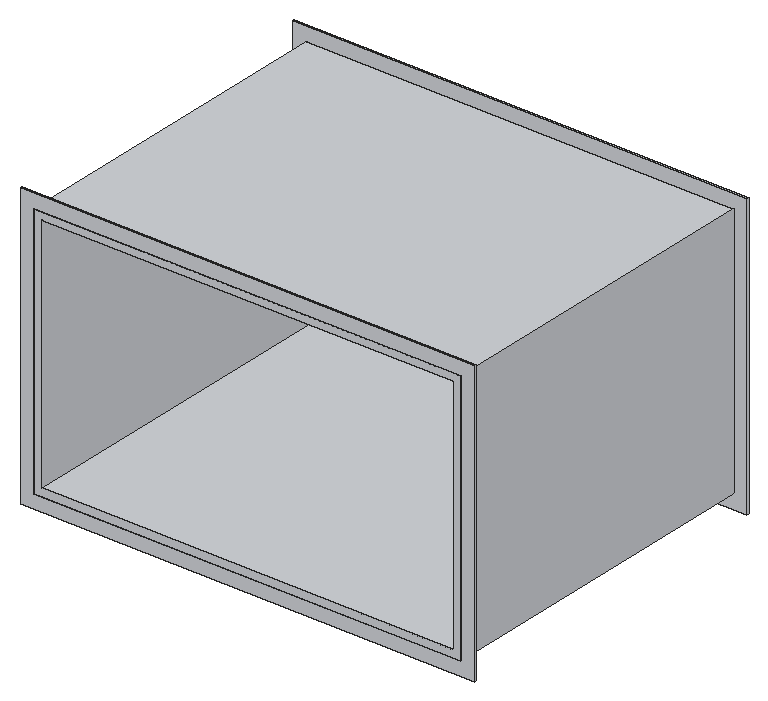
Revit family "Вентилятор канальный DFN", category Оборудование, Revit 2024
Family settings
  Размер круглого соединителя = Использовать диаметр
  Тип детали = Нормальный
  На основе рабочей плоскости = Нет
  Всегда вертикально = Нет
  При загрузке вырезать с полостями = Нет
  Сохранять ориентацию аннотаций = Нет
  Общий = Нет
  Точка принадлежности помещению = Нет
Parameters (values of type "DFN 60-35/V01311.5")
  Ширина_В = 622 mm
  Отметка по умолчанию = 0 mm
  Изготовитель = "WAER"  # constant formula
  Keynote = ""
  Высота_Г = 372 mm
  URL = "https://waer-air.com/"
  ADSK_Ток = 3.32 A
  ADSK_Система_Имя [instance] = ""
  ADSK_Расход воздуха = 0.0 m³/h
  ADSK_Размер_Ширина = 600 mm
  ADSK_Размер_Длина = 498 mm
  ADSK_Размер_Высота = 350 mm
  ADSK_Потеря давления воздуха = 0.0 Pa
  ADSK_Полная мощность = ADSK_Напряжение * ADSK_Ток  # 1261.6 VA
  ADSK_Номинальная мощность = 1.5 W
  ADSK_Напряжение = 380 V
  ADSK_Наименование краткое = "DFN 60-35/V01311.5"
  ADSK_Наименование = "Венилятор канальный DFN 60-35/V01311.5"
  ADSK_Масса_Текст = "43"
  ADSK_Масса = 43
  ADSK_Марка = ""
  ADSK_Количество фаз = 3
  ADSK_Количество = 1  # constant formula
  ADSK_Код изделия = ""
  ADSK_Классификация нагрузок = ОВК
  ADSK_Завод-изготовитель = "WAER"  # constant formula
  ADSK_Единица измерения = "шт."  # constant formula
Types (16, lengths in mm): name | Ширина_В | Высота_Г | ADSK_Ток | ADSK_Размер_Ширина | ADSK_Размер_Длина | ADSK_Размер_Высота | ADSK_Полная мощность | ADSK_Номинальная мощность | ADSK_Наименование краткое | ADSK_Наименование | ADSK_Масса_Текст | ADSK_Масса
  DFN 50-25/V01220.37 | 522 | 272 | 1.01 A | 500 | 416 | 250 | 383.8 VA | 0.37 W | "DFN 50-25/V01220.37" | "Венилятор канальный DFN 50-25/V01220.37" | "26" | 26
  DFN 50-30/V01220.37 | 522 | 322 | 1.01 A | 500 | 458 | 300 | 383.8 VA | 0.37 W | "DFN 50-30/V01220.37" | "Венилятор канальный DFN 50-30/V01220.37" | "28" | 28
  DFN 50-30/V01250.37 | 522 | 322 | 1.01 A | 500 | 458 | 300 | 383.8 VA | 0.37 W | "DFN 50-30/V01250.37" | "Венилятор канальный DFN 50-30/V01250.37" | "28" | 28
  DFN 60-30/V01250.37 | 622 | 322 | 1.01 A | 600 | 498 | 300 | 383.8 VA | 0.37 W | "DFN 60-30/V01250.37" | "Венилятор канальный DFN 60-30/V01250.37" | "31" | 31
  DFN 60-30/V01280.75 | 622 | 322 | 1.83 A | 600 | 498 | 300 | 695.4 VA | 0.75 W | "DFN 60-30/V01280.75" | "Венилятор канальный DFN 60-30/V01280.75" | "35" | 35
  DFN 60-35/V01280.75 | 622 | 372 | 1.83 A | 600 | 498 | 350 | 695.4 VA | 0.75 W | "DFN 60-35/V01280.75" | "Венилятор канальный DFN 60-35/V01280.75" | "36" | 36
  DFN 60-35/V01311.5 | 622 | 372 | 3.32 A | 600 | 498 | 350 | 1261.6 VA | 1.5 W | "DFN 60-35/V01311.5" | "Венилятор канальный DFN 60-35/V01311.5" | "43" | 43
  DFN 70-40/V01311.5 | 722 | 422 | 3.32 A | 700 | 600 | 400 | 1261.6 VA | 1.5 W | "DFN 70-40/V01311.5" | "Венилятор канальный DFN 70-40/V01311.5" | "50" | 50
  DFN 70-40/V01312.5 | 722 | 422 | 4.61 A | 700 | 600 | 400 | 1751.8 VA | 2.2 W | "DFN 70-40/V01312.5" | "Венилятор канальный DFN 70-40/V01312.5" | "51" | 51
  DFN 70-40/V01353 | 722 | 422 | 6.1 A | 700 | 600 | 400 | 2318 VA | 3 W | "DFN 70-40/V01353" | "Венилятор канальный DFN 70-40/V01353" | "58" | 58
  DFN 80-50/V01353 | 822 | 522 | 6.1 A | 800 | 635 | 500 | 2318 VA | 3 W | "DFN 80-50/V01353" | "Венилятор канальный DFN 80-50/V01353" | "64" | 64
  DFN 80-50/V01403 | 822 | 522 | 6.47 A | 800 | 635 | 500 | 2458.6 VA | 3 W | "DFN 80-50/V01403" | "Венилятор канальный DFN 80-50/V01403" | "80" | 80
  DFN 90-50/V01353 | 922 | 522 | 6.1 A | 900 | 650 | 500 | 2318 VA | 3 W | "DFN 90-50/V01353" | "Венилятор канальный DFN 90-50/V01353" | "67" | 67
  DFN 90-50/V01403 | 922 | 522 | 6.47 A | 900 | 650 | 500 | 2458.6 VA | 3 W | "DFN 90-50/V01403" | "Венилятор канальный DFN 90-50/V01403" | "84" | 84
  DFN 90-50/V01405.5 | 922 | 522 | 10.53 A | 900 | 650 | 500 | 4001.4 VA | 5.5 W | "DFN 90-50/V01405.5" | "Венилятор канальный DFN 90-50/V01405.5" | "82" | 82
  DFN 100-50/V01405.5 | 1022 | 522 | 10.53 A | 1000 | 670 | 500 | 4001.4 VA | 5.5 W | "DFN 100-50/V01405.5" | "Венилятор канальный DFN 100-50/V01405.5" | "86" | 86
Reference planes
  plane 1 "По центру (Вперед/Назад)": y = 0
  plane 2: z = 0
  plane 3 "По центру (Влево/Вправо)": x = 0
  plane 4: x = -300
  plane 5: x = 300
  plane 6: z = -175
  plane 7: z = 175
  plane 8: y = -249
  plane 9: y = 249
  plane 10: x = -311
  plane 11: x = 311
  plane 12: z = -186
  plane 13: z = 186
  plane 14: z = 191
Forms (mm)
  Extrusion 1, solid
    sketch origin (0, 0, 0) x (1, 0, 0) y (0, 0, 1)
      loop
        line (-311, 186) -> (-311, -186) -> (311, -186) -> (311, 186) -> (-311, 186)
      loop
        line (-300, 175) -> (-300, -175) -> (300, -175) -> (300, 175) -> (-300, 175)
    from -249 to 249
  Sweep 2, solid
    path in 3D
      loop
        line (-311, -249, 186) -> (-311, -249, -186) -> (311, -249, -186) -> (311, -249, 186) -> (-311, -249, 186)
    profile origin (0, -249, 186) x (0, -1, 0) y (0, 0, 1)
      loop
        line (0, 0) -> (0, 20) -> (-2, 20) -> (-2, 0) -> (0, 0)
  Sweep 3, solid
    path in 3D
      loop
        line (311, 249, 186) -> (311, 249, -186) -> (-311, 249, -186) -> (-311, 249, 186) -> (311, 249, 186)
    profile origin (0, 249, 186) x (0, 1, 0) y (0, 0, 1)
      loop
        line (0, 0) -> (0, 20) -> (-2, 20) -> (-2, 0) -> (0, 0)
Lines and regions (mm)
  sketch lines
    curve 1: line (311, -249, 186) -> (-311, -249, 186)
    curve 2: line (-311, -249, 186) -> (-311, -249, -186)
    curve 3: line (-311, -249, -186) -> (311, -249, -186)
    curve 4: line (311, -249, -186) -> (311, -249, 186)
    curve 5: line (-311, 249, 186) -> (311, 249, 186)
    curve 6: line (311, 249, 186) -> (311, 249, -186)
    curve 7: line (311, 249, -186) -> (-311, 249, -186)
    curve 8: line (-311, 249, -186) -> (-311, 249, 186)
Dimensions and locks
  equal spacing: plane 5, plane 3 "По центру (Влево/Вправо)", plane 4
  "ADSK_Размер_Ширина": plane 5 to plane 4
  equal spacing: plane 7, plane 2, plane 6
  "ADSK_Размер_Высота": plane 7 to plane 6
  equal spacing: plane 9, plane 1 "По центру (Вперед/Назад)", plane 8
  "ADSK_Размер_Длина": plane 9 to plane 8
  plane 8 to plane 9 = 498 mm
  equal spacing: plane 13, plane 2, plane 12
  "Высота_Г": plane 13 to plane 12
  equal spacing: plane 11, plane 3 "По центру (Влево/Вправо)", plane 10
  "Ширина_В": plane 11 to plane 10
  locked: plane 14 to plane 13 at 5
  aligned and locked: level to plane 2
  aligned and locked: plane 9 to Extrusion 1
  aligned and locked: Extrusion 1 to plane 8
  aligned and locked: Extrusion 1 sketch curve to plane 7
  aligned and locked: plane 6 to Extrusion 1 sketch curve
  aligned and locked: Extrusion 1 sketch curve to plane 5
  aligned and locked: plane 4 to Extrusion 1 sketch curve
  aligned and locked: plane 10 to Extrusion 1 sketch curve
  aligned and locked: Extrusion 1 sketch curve to plane 13
  aligned and locked: plane 12 to Extrusion 1 sketch curve
  aligned and locked: Extrusion 1 sketch curve to plane 11
Automatic sketch dimensions
  Sweep 2 sketch curve to profile plane = 0 mm  (x2)
  profile plane to Sweep 2 sketch curve = 2 mm
  profile plane to Sweep 2 sketch curve = 20 mm
  Sweep 3 sketch curve to profile plane = 0 mm  (x2)
  profile plane to Sweep 3 sketch curve = 2 mm
  profile plane to Sweep 3 sketch curve = 20 mm
Connectors
  hvac at (0, -249, 0), driven by "ADSK_Размер_Высота", driven by "ADSK_Размер_Ширина"
    settings: on Extrusion 1, index 1, duct flow 0.0 m³/h, flow factor 0, pres drop 0.0 Pa, loss coef 0, conn angle 0.00°, conn width 600 mm, conn height 350 mm, conn diameter 609.6 mm, duct sys type 29, conn prof type 1, flow config 2, flow direction 2, loss method 0, conn ref index 2, conn util no, is conn primary yes, conn desc ""
  hvac at (0, 249, 0), driven by "ADSK_Размер_Высота", driven by "ADSK_Размер_Ширина"
    settings: on Extrusion 1, index 2, duct flow 0.0 m³/h, flow factor 0, pres drop 0.0 Pa, loss coef 0, conn angle 0.00°, conn width 600 mm, conn height 350 mm, conn diameter 609.6 mm, duct sys type 29, conn prof type 1, flow config 2, flow direction 1, loss method 0, conn ref index 1, conn util no, is conn primary no, conn desc ""
  electrical at (0, 0, 186)
    settings: on Extrusion 1, index 3, voltage 0 V, apparent load 0 VA, apparent load phase1 0 VA, apparent load phase2 0 VA, apparent load phase3 0 VA, power factor 1, load classification "Прочее", number of poles 1, system type 14, power factor state 1, is connector primary yes, connector utility no, sub classification motor no, connector description ""
